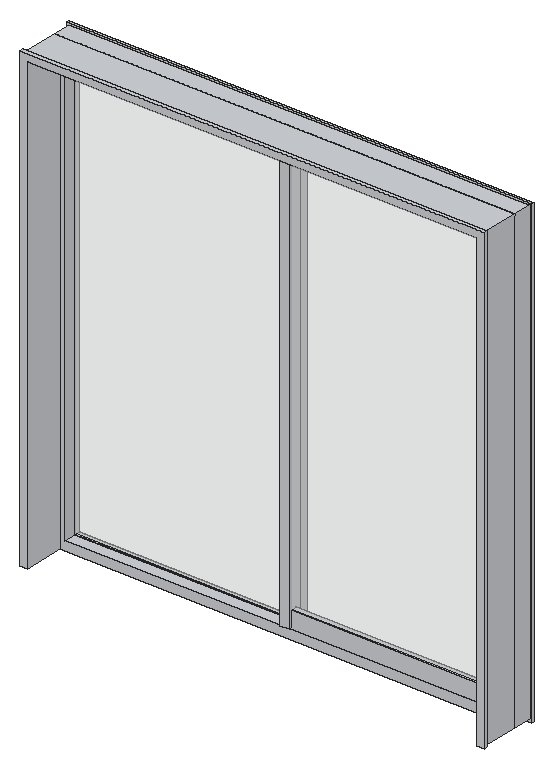
Revit family "APL Residential Thermal Heart Sliding Door SF", category Doors, host Wall, Revit 2017 (continued)
Definition of nested family "APL Residential Thermal Heart Sliding Door SF Horizontal Section"
  Definition of nested family "Interlocker"
    Definition of nested family "65420_Interlocker Mullion"
      Lines and regions (mm)
        model lines, in view "Ref. Level"
          curve 53: line (-44.5, 44.6, 0) -> (-44.5, 43.5, 0)
          curve 54: line (-45.5, 42.5, 0) -> (-46.25, 42.5, 0)
          curve 55: line (-46.25, 43.5, 0) -> (-45.5, 43.5, 0)
          curve 56: line (-45.5, 43.5, 0) -> (-45.5, 45, 0)
          curve 57: line (-45.5, 45, 0) -> (-51, 45, 0)
          curve 58: line (-51, 45, 0) -> (-51, 43.5, 0)
          curve 59: line (-51, 43.5, 0) -> (-50.25, 43.5, 0)
          curve 60: line (-50.25, 42.5, 0) -> (-51.8, 42.5, 0)
          curve 61: line (-52, 42.7, 0) -> (-52, 61.948, 0)
          curve 62: line (-51.5, 62.45, 0) -> (-49.183, 62.45, 0)
          curve 63: line (-48.413, 62.718, 0) -> (-47.003, 63.232, 0)
          curve 64: line (-46.601, 62.924, 0) -> (-46.808, 60.558, 0)
          curve 65: line (-46.895, 60.372, 0) -> (-47.259, 60.009, 0)
          curve 66: line (-47.593, 60.098, 0) -> (-47.638, 60.266, 0)
          curve 67: line (-47.638, 60.266, 0) -> (-49.768, 60.94, 0)
          curve 68: line (-49.768, 60.94, 0) -> (-50, 60.95, 0)
          curve 69: line (-50.1, 60.203, 0) -> (-50.1, 56.975, 0)
          curve 70: line (-50.1, 56.975, 0) -> (-50.294, 56.2, 0)
          curve 71: line (-50.1, 55.95, 0) -> (-49.579, 55.95, 0)
          curve 72: line (-49.579, 55.95, 0) -> (-48.169, 56.759, 0)
          curve 73: line (-47.6, 56.9, 0) -> (-47.6, 54.875, 0)
          curve 74: line (-47.696, 54.705, 0) -> (-50.261, 53.139, 0)
          curve 75: line (-50.5, 52.712, 0) -> (-50.5, 47, 0)
          curve 76: line (-50, 46.5, 0) -> (-45.5, 46.5, 0)
          curve 77: line (-44.405, 46.1, 0) -> (-33.2, 46.1, 0)
          curve 78: line (-31.5, 44.4, 0) -> (-31.5, 37.486, 0)
          curve 79: arc (-31.5, 37.486, 0) -> (-31.229, 37.041, 0) -> (-30.71, 37.078, 0) r 0.5
          curve 80: arc (-30.71, 37.078, 0) -> (-28.151, 37.789, 0) -> (-25.73, 36.695, 0) r 3.9
          curve 81: arc (-25.73, 36.695, 0) -> (-25.713, 35.422, 0) -> (-26.985, 35.405, 0) r 0.9
          curve 82: arc (-26.985, 35.405, 0) -> (-28.45, 36, 0) -> (-29.915, 35.405, 0) r 2.1
          curve 83: arc (-29.915, 35.405, 0) -> (-30.077, 35.28, 0) -> (-30.264, 35.194, 0) r 0.9
          curve 84: arc (-30.264, 35.194, 0) -> (-30.436, 35.097, 0) -> (-30.557, 34.94, 0) r 0.5
          curve 85: arc (-30.557, 34.94, 0) -> (-30.8, 33.9, 0) -> (-30.557, 32.86, 0) r 2.35
          curve 86: arc (-30.557, 32.86, 0) -> (-30.436, 32.703, 0) -> (-30.264, 32.606, 0) r 0.5
          curve 87: arc (-30.264, 32.606, 0) -> (-30.077, 32.52, 0) -> (-29.915, 32.395, 0) r 0.9
          curve 88: arc (-29.915, 32.395, 0) -> (-28.45, 31.8, 0) -> (-26.985, 32.395, 0) r 2.1
          curve 89: arc (-26.985, 32.395, 0) -> (-25.713, 32.378, 0) -> (-25.73, 31.105, 0) r 0.9
          curve 90: arc (-25.73, 31.105, 0) -> (-26.113, 30.778, 0) -> (-26.534, 30.503, 0) r 3.9
          curve 91: arc (-26.534, 30.503, 0) -> (-26.781, 29.979, 0) -> (-26.368, 29.574, 0) r 0.5
          curve 92: arc (-26.368, 29.574, 0) -> (-25.102, 28.862, 0) -> (-24.6, 27.5, 0) r 2.1
          curve 93: arc (-35.3, 56.85, 0) -> (-35.417, 56.567, 0) -> (-35.7, 56.45, 0) r 0.4
          curve 94: arc (-35.993, 56.45, 0) -> (-36.096, 56.464, 0) -> (-36.193, 56.504, 0) r 0.4
          curve 95: arc (-37.721, 57.389, 0) -> (-38.011, 57.509, 0) -> (-38.322, 57.55, 0) r 1.2
          curve 96: arc (-39.245, 57.55, 0) -> (-39.818, 57.731, 0) -> (-40.184, 58.208, 0) r 1
          curve 97: arc (-40.977, 60.387, 0) -> (-41.124, 60.578, 0) -> (-41.353, 60.65, 0) r 0.4
          curve 98: arc (-44.047, 60.65, 0) -> (-44.276, 60.578, 0) -> (-44.423, 60.387, 0) r 0.4
          curve 99: arc (-45.216, 58.208, 0) -> (-45.582, 57.731, 0) -> (-46.155, 57.55, 0) r 1
          curve 100: arc (-47.078, 57.55, 0) -> (-47.389, 57.509, 0) -> (-47.679, 57.389, 0) r 1.2
          curve 101: arc (-49.207, 56.504, 0) -> (-49.304, 56.464, 0) -> (-49.407, 56.45, 0) r 0.4
          curve 102: arc (-49.7, 56.45, 0) -> (-49.983, 56.567, 0) -> (-50.1, 56.85, 0) r 0.4
          curve 103: arc (-50.1, 60.25, 0) -> (-49.983, 60.533, 0) -> (-49.7, 60.65, 0) r 0.4
          curve 104: arc (-49.407, 60.65, 0) -> (-49.304, 60.636, 0) -> (-49.207, 60.596, 0) r 0.4
          curve 105: arc (-47.679, 59.711, 0) -> (-47.385, 59.59, 0) -> (-47.07, 59.55, 0) r 1.2
          curve 106: arc (-47.07, 59.55, 0) -> (-46.895, 59.603, 0) -> (-46.784, 59.747, 0) r 0.3
          curve 107: arc (-45.896, 62.187, 0) -> (-45.749, 62.378, 0) -> (-45.52, 62.45, 0) r 0.4
          curve 108: arc (-39.88, 62.45, 0) -> (-39.651, 62.378, 0) -> (-39.504, 62.187, 0) r 0.4
          curve 109: arc (-38.616, 59.747, 0) -> (-38.505, 59.603, 0) -> (-38.33, 59.55, 0) r 0.3
          curve 110: arc (-38.33, 59.55, 0) -> (-38.015, 59.59, 0) -> (-37.721, 59.711, 0) r 1.2
          curve 111: arc (-36.193, 60.596, 0) -> (-36.096, 60.636, 0) -> (-35.993, 60.65, 0) r 0.4
          curve 112: arc (-35.7, 60.65, 0) -> (-35.417, 60.533, 0) -> (-35.3, 60.25, 0) r 0.4
          curve 113: line (-35.7, 56.45, 0) -> (-35.993, 56.45, 0)
          curve 114: line (-36.193, 56.504, 0) -> (-37.721, 57.389, 0)
          curve 115: line (-38.322, 57.55, 0) -> (-39.245, 57.55, 0)
          curve 116: line (-40.184, 58.208, 0) -> (-40.977, 60.387, 0)
          curve 117: line (-41.353, 60.65, 0) -> (-44.047, 60.65, 0)
          curve 118: line (-44.423, 60.387, 0) -> (-45.216, 58.208, 0)
          curve 119: line (-46.155, 57.55, 0) -> (-47.078, 57.55, 0)
          curve 120: line (-47.679, 57.389, 0) -> (-49.207, 56.504, 0)
          curve 121: line (-49.407, 56.45, 0) -> (-49.7, 56.45, 0)
          curve 122: line (-50.1, 56.85, 0) -> (-50.1, 60.25, 0)
          curve 123: line (-49.7, 60.65, 0) -> (-49.407, 60.65, 0)
          curve 124: line (-49.207, 60.596, 0) -> (-47.679, 59.711, 0)
          curve 125: line (-46.784, 59.747, 0) -> (-45.896, 62.187, 0)
          curve 126: line (-45.52, 62.45, 0) -> (-39.88, 62.45, 0)
          curve 127: line (-39.504, 62.187, 0) -> (-38.616, 59.747, 0)
          curve 128: line (-37.721, 59.711, 0) -> (-36.193, 60.596, 0)
          curve 129: line (-35.993, 60.65, 0) -> (-35.7, 60.65, 0)
          curve 130: line (-35.3, 60.25, 0) -> (-35.3, 56.85, 0)
          curve 131: arc (-27.4, 27.5, 0) -> (-27.117, 27.383, 0) -> (-27, 27.1, 0) r 0.4
          curve 132: arc (-27, 26.807, 0) -> (-27.014, 26.704, 0) -> (-27.054, 26.607, 0) r 0.4
          curve 133: arc (-27.939, 25.079, 0) -> (-28.059, 24.789, 0) -> (-28.1, 24.478, 0) r 1.2
          curve 134: arc (-28.1, 23.555, 0) -> (-28.281, 22.982, 0) -> (-28.758, 22.616, 0) r 1
          curve 135: arc (-30.937, 21.823, 0) -> (-31.128, 21.676, 0) -> (-31.2, 21.447, 0) r 0.4
          curve 136: arc (-31.2, 18.753, 0) -> (-31.128, 18.524, 0) -> (-30.937, 18.377, 0) r 0.4
          curve 137: arc (-28.758, 17.584, 0) -> (-28.281, 17.218, 0) -> (-28.1, 16.645, 0) r 1
          curve 138: arc (-28.1, 15.722, 0) -> (-28.059, 15.411, 0) -> (-27.939, 15.121, 0) r 1.2
          curve 139: arc (-27.054, 13.593, 0) -> (-27.014, 13.496, 0) -> (-27, 13.393, 0) r 0.4
          curve 140: arc (-27, 13.1, 0) -> (-27.117, 12.817, 0) -> (-27.4, 12.7, 0) r 0.4
          curve 141: arc (-30.8, 12.7, 0) -> (-31.083, 12.817, 0) -> (-31.2, 13.1, 0) r 0.4
          curve 142: arc (-31.2, 13.393, 0) -> (-31.186, 13.496, 0) -> (-31.146, 13.593, 0) r 0.4
          curve 143: arc (-30.261, 15.121, 0) -> (-30.14, 15.415, 0) -> (-30.1, 15.73, 0) r 1.2
          curve 144: arc (-30.1, 15.73, 0) -> (-30.153, 15.905, 0) -> (-30.297, 16.016, 0) r 0.3
          curve 145: arc (-32.737, 16.904, 0) -> (-32.928, 17.051, 0) -> (-33, 17.28, 0) r 0.4
          curve 146: arc (-33, 22.92, 0) -> (-32.928, 23.149, 0) -> (-32.737, 23.296, 0) r 0.4
          curve 147: arc (-30.297, 24.184, 0) -> (-30.153, 24.295, 0) -> (-30.1, 24.47, 0) r 0.3
          curve 148: arc (-30.1, 24.47, 0) -> (-30.14, 24.785, 0) -> (-30.261, 25.079, 0) r 1.2
          curve 149: arc (-31.146, 26.607, 0) -> (-31.186, 26.704, 0) -> (-31.2, 26.807, 0) r 0.4
          curve 150: arc (-31.2, 27.1, 0) -> (-31.083, 27.383, 0) -> (-30.8, 27.5, 0) r 0.4
          curve 151: line (-27, 27.1, 0) -> (-27, 26.807, 0)
          curve 152: line (-27.054, 26.607, 0) -> (-27.939, 25.079, 0)
          curve 153: line (-28.1, 24.478, 0) -> (-28.1, 23.555, 0)
          curve 154: line (-28.758, 22.616, 0) -> (-30.937, 21.823, 0)
          curve 155: line (-31.2, 21.447, 0) -> (-31.2, 18.753, 0)
          curve 156: line (-30.937, 18.377, 0) -> (-28.758, 17.584, 0)
          curve 157: line (-28.1, 16.645, 0) -> (-28.1, 15.722, 0)
          curve 158: line (-27.939, 15.121, 0) -> (-27.054, 13.593, 0)
          curve 159: line (-27, 13.393, 0) -> (-27, 13.1, 0)
          curve 160: line (-27.4, 12.7, 0) -> (-30.8, 12.7, 0)
          curve 161: line (-31.2, 13.1, 0) -> (-31.2, 13.393, 0)
          curve 162: line (-31.146, 13.593, 0) -> (-30.261, 15.121, 0)
          curve 163: line (-30.297, 16.016, 0) -> (-32.737, 16.904, 0)
          curve 164: line (-33, 17.28, 0) -> (-33, 22.92, 0)
          curve 165: line (-32.737, 23.296, 0) -> (-30.297, 24.184, 0)
          curve 166: line (-30.261, 25.079, 0) -> (-31.146, 26.607, 0)
          curve 167: line (-31.2, 26.807, 0) -> (-31.2, 27.1, 0)
          curve 168: line (-30.8, 27.5, 0) -> (-27.4, 27.5, 0)
          curve 169: arc (-21.001, 10.8, 0) -> (-21.707, 10.507, 0) -> (-22, 9.8, 0) r 1
          curve 170: arc (-22, 3.501, 0) -> (-21.707, 2.793, 0) -> (-21, 2.5, 0) r 1
          curve 171: arc (-2.8, 2.5, 0) -> (-2.093, 2.793, 0) -> (-1.8, 3.5, 0) r 1
          curve 172: arc (-1.8, 9.8, 0) -> (-2.093, 10.507, 0) -> (-2.8, 10.8, 0) r 1
          curve 173: arc (-2.656, 30.548, 0) -> (-2.153, 30.553, 0) -> (-1.9, 30.119, 0) r 0.5
          curve 174: arc (-1.9, 13.7, 0) -> (-2.193, 12.993, 0) -> (-2.9, 12.7, 0) r 1
          curve 175: arc (-24.1, 12.7, 0) -> (-24.454, 12.846, 0) -> (-24.6, 13.2, 0) r 0.5
          curve 176: arc (-24.6, 14.698, 0) -> (-24.746, 15.053, 0) -> (-25.1, 15.2, 0) r 0.5
          curve 177: arc (-27.449, 15.2, 0) -> (-27.668, 15.073, 0) -> (-27.663, 14.82, 0) r 0.25
          curve 178: arc (-27.611, 14.734, 0) -> (-27.479, 14.628, 0) -> (-27.309, 14.631, 0) r 0.25
          curve 179: arc (-26.544, 13.377, 0) -> (-26.511, 13.302, 0) -> (-26.5, 13.221, 0) r 0.3
          curve 180: arc (-26.5, 12.7, 0) -> (-26.578, 12.542, 0) -> (-26.75, 12.506, 0) r 0.2
          curve 181: arc (-30.753, 12.7, 0) -> (-30.875, 12.674, 0) -> (-30.976, 12.6, 0) r 0.3
          curve 182: arc (-30.976, 12.6, 0) -> (-31.307, 12.52, 0) -> (-31.5, 12.8, 0) r 0.3
          curve 183: arc (-30.957, 15.021, 0) -> (-30.905, 15.11, 0) -> (-30.816, 15.162, 0) r 0.2
          curve 184: arc (-30.648, 15.207, 0) -> (-30.507, 15.348, 0) -> (-30.559, 15.541, 0) r 0.2
          curve 185: arc (-30.922, 15.905, 0) -> (-31.008, 15.965, 0) -> (-31.108, 15.992, 0) r 0.3
          curve 186: arc (-33.474, 16.199, 0) -> (-33.738, 16.083, 0) -> (-33.782, 15.797, 0) r 0.3
          curve 187: arc (-33.268, 14.387, 0) -> (-33.181, 14.261, 0) -> (-33.043, 14.195, 0) r 0.3
          curve 188: arc (-33.043, 14.195, 0) -> (-32.801, 13.922, 0) -> (-33, 13.617, 0) r 0.3
          curve 189: arc (-33, 9.5, 0) -> (-32.941, 9.359, 0) -> (-32.8, 9.3, 0) r 0.2
          curve 190: arc (-32.5, 9.3, 0) -> (-32.2, 9.38, 0) -> (-31.98, 9.6, 0) r 0.6
          curve 191: arc (-31.345, 10.7, 0) -> (-31.272, 10.773, 0) -> (-31.172, 10.8, 0) r 0.2
          curve 192: arc (-25, 10.8, 0) -> (-24.293, 10.507, 0) -> (-24, 9.8, 0) r 1
          curve 193: arc (-24, 2.463, 0) -> (-24.286, 1.763, 0) -> (-24.98, 1.463, 0) r 1
          curve 194: arc (-31.935, 1.322, 0) -> (-32.052, 1.357, 0) -> (-32.127, 1.453, 0) r 0.2
          curve 195: arc (-32.127, 1.453, 0) -> (-32.234, 1.621, 0) -> (-32.403, 1.725, 0) r 0.45
          curve 196: arc (-32.403, 1.725, 0) -> (-32.522, 1.729, 0) -> (-32.621, 1.665, 0) r 0.2
          curve 197: arc (-33, 0.2, 0) -> (-32.941, 0.059, 0) -> (-32.8, 0, 0) r 0.2
          curve 198: arc (-0.5, 0, 0) -> (-0.146, 0.146, 0) -> (0, 0.5, 0) r 0.5
          curve 199: arc (0, 70.3, 0) -> (-0.059, 70.441, 0) -> (-0.2, 70.5, 0) r 0.2
          curve 200: arc (-0.8, 70.5, 0) -> (-0.941, 70.441, 0) -> (-1, 70.3, 0) r 0.2
          curve 201: arc (-1, 69.7, 0) -> (-1.059, 69.559, 0) -> (-1.2, 69.5, 0) r 0.2
          curve 202: arc (-8.75, 69.5, 0) -> (-9.25, 69, 0) -> (-8.75, 68.5, 0) r 0.5
          curve 203: arc (-7.85, 68.5, 0) -> (-7.709, 68.441, 0) -> (-7.65, 68.3, 0) r 0.2
          curve 204: arc (-7.65, 67.2, 0) -> (-7.709, 67.059, 0) -> (-7.85, 67, 0) r 0.2
          curve 205: arc (-15.15, 67, 0) -> (-15.291, 67.059, 0) -> (-15.35, 67.2, 0) r 0.2
          curve 206: arc (-15.35, 68.3, 0) -> (-15.291, 68.441, 0) -> (-15.15, 68.5, 0) r 0.2
          curve 207: arc (-14.25, 68.5, 0) -> (-13.75, 69, 0) -> (-14.25, 69.5, 0) r 0.5
          curve 208: arc (-14.85, 69.5, 0) -> (-15.204, 69.646, 0) -> (-15.35, 70, 0) r 0.5
          curve 209: arc (-15.35, 70, 0) -> (-15.496, 70.354, 0) -> (-15.85, 70.5, 0) r 0.5
          curve 210: arc (-30.65, 70.5, 0) -> (-31.399, 69.779, 0) -> (-30.709, 69.002, 0) r 0.75
          curve 211: arc (-20.534, 68.077, 0) -> (-20.403, 68.013, 0) -> (-20.35, 67.877, 0) r 0.2
          curve 212: arc (-20.35, 67.25, 0) -> (-19.85, 66.75, 0) -> (-19.35, 67.25, 0) r 0.5
          curve 213: arc (-19.35, 67.8, 0) -> (-19.291, 67.941, 0) -> (-19.15, 68, 0) r 0.2
          curve 214: arc (-18.05, 68, 0) -> (-17.909, 67.941, 0) -> (-17.85, 67.8, 0) r 0.2
          curve 215: arc (-17.85, 62.7, 0) -> (-17.909, 62.559, 0) -> (-18.05, 62.5, 0) r 0.2
          curve 216: arc (-19.15, 62.5, 0) -> (-19.291, 62.559, 0) -> (-19.35, 62.7, 0) r 0.2
          curve 217: arc (-19.35, 63.25, 0) -> (-19.85, 63.75, 0) -> (-20.35, 63.25, 0) r 0.5
          curve 218: arc (-20.35, 62.65, 0) -> (-20.409, 62.509, 0) -> (-20.55, 62.45, 0) r 0.2
          curve 219: arc (-36.217, 62.45, 0) -> (-36.522, 62.251, 0) -> (-36.795, 62.493, 0) r 0.3
          curve 220: arc (-36.795, 62.493, 0) -> (-36.861, 62.631, 0) -> (-36.987, 62.718, 0) r 0.3
          curve 221: arc (-38.397, 63.232, 0) -> (-38.683, 63.188, 0) -> (-38.799, 62.924, 0) r 0.3
          curve 222: arc (-38.592, 60.558, 0) -> (-38.565, 60.458, 0) -> (-38.505, 60.372, 0) r 0.3
          curve 223: arc (-38.141, 60.009, 0) -> (-37.948, 59.957, 0) -> (-37.807, 60.098, 0) r 0.2
          curve 224: arc (-37.762, 60.266, 0) -> (-37.71, 60.355, 0) -> (-37.621, 60.407, 0) r 0.2
          curve 225: arc (-35.4, 60.95, 0) -> (-35.12, 60.757, 0) -> (-35.2, 60.426, 0) r 0.3
          curve 226: arc (-35.2, 60.426, 0) -> (-35.274, 60.325, 0) -> (-35.3, 60.203, 0) r 0.3
          curve 227: arc (-35.106, 56.2, 0) -> (-35.142, 56.028, 0) -> (-35.3, 55.95, 0) r 0.2
          curve 228: arc (-35.821, 55.95, 0) -> (-35.902, 55.961, 0) -> (-35.977, 55.994, 0) r 0.3
          curve 229: arc (-37.231, 56.759, 0) -> (-37.228, 56.929, 0) -> (-37.334, 57.061, 0) r 0.25
          curve 230: arc (-37.42, 57.113, 0) -> (-37.672, 57.118, 0) -> (-37.8, 56.9, 0) r 0.25
          curve 231: arc (-37.8, 54.875, 0) -> (-37.774, 54.778, 0) -> (-37.704, 54.705, 0) r 0.2
          curve 232: arc (-36.751, 54.123, 0) -> (-36.626, 54.069, 0) -> (-36.491, 54.05, 0) r 0.5
          curve 233: arc (-33.9, 54.05, 0) -> (-33.546, 54.196, 0) -> (-33.4, 54.55, 0) r 0.5
          curve 234: arc (-33.4, 59.15, 0) -> (-33.254, 59.504, 0) -> (-32.9, 59.65, 0) r 0.5
          curve 235: arc (-17.952, 59.65, 0) -> (-16.112, 60.411, 0) -> (-15.35, 62.25, 0) r 2.6
          curve 236: arc (-15.35, 64, 0) -> (-15.291, 64.141, 0) -> (-15.15, 64.2, 0) r 0.2
          curve 237: arc (-7.85, 64.2, 0) -> (-6.162, 64.792, 0) -> (-5.215, 66.309, 0) r 2.7
          curve 238: arc (-5.215, 66.309, 0) -> (-5.04, 66.59, 0) -> (-4.727, 66.7, 0) r 0.5
          curve 239: arc (-2.4, 66.7, 0) -> (-2.046, 66.554, 0) -> (-1.9, 66.2, 0) r 0.5
          curve 240: line (-22, 9.8, 0) -> (-22, 3.501, 0)
          curve 241: line (-21, 2.5, 0) -> (-2.8, 2.5, 0)
          curve 242: line (-1.8, 3.5, 0) -> (-1.8, 9.8, 0)
          curve 243: line (-2.8, 10.8, 0) -> (-21.001, 10.8, 0)
          curve 244: line (-1.9, 30.119, 0) -> (-1.9, 13.7, 0)
          curve 245: line (-2.9, 12.7, 0) -> (-24.1, 12.7, 0)
          curve 246: line (-24.6, 13.2, 0) -> (-24.6, 14.698, 0)
          curve 247: line (-25.1, 15.2, 0) -> (-27.449, 15.2, 0)
          curve 248: line (-27.309, 14.631, 0) -> (-26.544, 13.377, 0)
          curve 249: line (-26.544, 13.377, 0) -> (-26.5, 12.7, 0)
          curve 250: line (-26.75, 12.506, 0) -> (-27.475, 12.694, 0)
          curve 251: line (-27.475, 12.694, 0) -> (-30.753, 12.7, 0)
          curve 252: line (-31.5, 12.954, 0) -> (-30.957, 15.021, 0)
          curve 253: line (-30.957, 15.021, 0) -> (-30.648, 15.207, 0)
          curve 254: line (-30.559, 15.541, 0) -> (-30.922, 15.905, 0)
          curve 255: line (-31.108, 15.992, 0) -> (-33.474, 16.199, 0)
          curve 256: line (-33.782, 15.797, 0) -> (-33.268, 14.387, 0)
          curve 257: line (-33, 13.617, 0) -> (-33, 9.5, 0)
          curve 258: line (-32.8, 9.3, 0) -> (-32.5, 9.3, 0)
          curve 259: line (-31.98, 9.6, 0) -> (-31.345, 10.7, 0)
          curve 260: line (-31.172, 10.8, 0) -> (-25, 10.8, 0)
          curve 261: line (-24, 9.8, 0) -> (-24, 2.463, 0)
          curve 262: line (-24.98, 1.463, 0) -> (-31.935, 1.322, 0)
          curve 263: line (-32.621, 1.665, 0) -> (-32.953, 1.269, 0)
          curve 264: line (-32.953, 1.269, 0) -> (-33, 0.2, 0)
          curve 265: line (-32.8, 0, 0) -> (-0.5, 0, 0)
          curve 266: line (0, 0.5, 0) -> (0, 70.3, 0)
          curve 267: line (-0.2, 70.5, 0) -> (-0.8, 70.5, 0)
          curve 268: line (-1, 70.3, 0) -> (-1, 69.7, 0)
          curve 269: line (-1.2, 69.5, 0) -> (-8.75, 69.5, 0)
          curve 270: line (-8.75, 68.5, 0) -> (-7.85, 68.5, 0)
          curve 271: line (-7.65, 68.3, 0) -> (-7.65, 67.2, 0)
          curve 272: line (-7.85, 67, 0) -> (-15.15, 67, 0)
          curve 273: line (-15.35, 67.2, 0) -> (-15.35, 68.3, 0)
          curve 274: line (-15.15, 68.5, 0) -> (-14.25, 68.5, 0)
          curve 275: line (-14.25, 69.5, 0) -> (-14.85, 69.5, 0)
          curve 276: line (-15.85, 70.5, 0) -> (-30.65, 70.5, 0)
          curve 277: line (-30.709, 69.002, 0) -> (-20.534, 68.077, 0)
          curve 278: line (-20.35, 67.877, 0) -> (-20.35, 67.25, 0)
          curve 279: line (-19.35, 67.25, 0) -> (-19.35, 67.8, 0)
          curve 280: line (-19.15, 68, 0) -> (-18.05, 68, 0)
          curve 281: line (-17.85, 67.8, 0) -> (-17.85, 62.7, 0)
          curve 282: line (-18.05, 62.5, 0) -> (-19.15, 62.5, 0)
          curve 283: line (-19.35, 62.7, 0) -> (-19.35, 63.25, 0)
          curve 284: line (-20.35, 63.25, 0) -> (-20.35, 62.65, 0)
          curve 285: line (-20.55, 62.45, 0) -> (-36.217, 62.45, 0)
          curve 286: line (-36.987, 62.718, 0) -> (-38.397, 63.232, 0)
          curve 287: line (-38.799, 62.924, 0) -> (-38.592, 60.558, 0)
          curve 288: line (-38.505, 60.372, 0) -> (-38.141, 60.009, 0)
          curve 289: line (-37.807, 60.098, 0) -> (-37.762, 60.266, 0)
          curve 290: line (-37.762, 60.266, 0) -> (-35.632, 60.94, 0)
          curve 291: line (-35.632, 60.94, 0) -> (-35.4, 60.95, 0)
          curve 292: line (-35.3, 60.203, 0) -> (-35.3, 56.975, 0)
          curve 293: line (-35.3, 56.975, 0) -> (-35.106, 56.2, 0)
          curve 294: line (-35.3, 55.95, 0) -> (-35.821, 55.95, 0)
          curve 295: line (-35.821, 55.95, 0) -> (-37.231, 56.759, 0)
          curve 296: line (-37.8, 56.9, 0) -> (-37.8, 54.875, 0)
          curve 297: line (-37.704, 54.705, 0) -> (-36.751, 54.123, 0)
          curve 298: line (-36.491, 54.05, 0) -> (-33.9, 54.05, 0)
          curve 299: line (-33.4, 54.55, 0) -> (-33.4, 59.15, 0)
          curve 300: line (-32.9, 59.65, 0) -> (-17.952, 59.65, 0)
          curve 301: line (-15.35, 62.25, 0) -> (-15.35, 64, 0)
          curve 302: line (-15.15, 64.2, 0) -> (-7.85, 64.2, 0)
          curve 303: line (-4.727, 66.7, 0) -> (-2.4, 66.7, 0)
          curve 304: line (-1.9, 66.2, 0) -> (-1.9, 37.681, 0)
          curve 305: arc (-1.9, 37.681, 0) -> (-2.153, 37.247, 0) -> (-2.656, 37.252, 0) r 0.5
          curve 306: arc (-2.656, 37.252, 0) -> (-5.107, 37.773, 0) -> (-7.37, 36.695, 0) r 3.9
          curve 307: arc (-7.37, 36.695, 0) -> (-7.387, 35.422, 0) -> (-6.115, 35.405, 0) r 0.9
          curve 308: arc (-6.115, 35.405, 0) -> (-4.65, 36, 0) -> (-3.185, 35.405, 0) r 2.1
          curve 309: arc (-3.185, 35.405, 0) -> (-3.023, 35.28, 0) -> (-2.836, 35.194, 0) r 0.9
          curve 310: arc (-2.836, 35.194, 0) -> (-2.664, 35.097, 0) -> (-2.543, 34.94, 0) r 0.5
          curve 311: arc (-2.543, 34.94, 0) -> (-2.3, 33.9, 0) -> (-2.543, 32.86, 0) r 2.35
          curve 312: arc (-2.543, 32.86, 0) -> (-2.664, 32.703, 0) -> (-2.836, 32.606, 0) r 0.5
          curve 313: arc (-2.836, 32.606, 0) -> (-3.023, 32.52, 0) -> (-3.185, 32.395, 0) r 0.9
          curve 314: arc (-3.185, 32.395, 0) -> (-4.65, 31.8, 0) -> (-6.115, 32.395, 0) r 2.1
          curve 315: arc (-6.115, 32.395, 0) -> (-7.387, 32.378, 0) -> (-7.37, 31.105, 0) r 0.9
          curve 316: arc (-7.37, 31.105, 0) -> (-5.107, 30.027, 0) -> (-2.656, 30.548, 0) r 3.9
      Text (mm)
        text "65420" at (-82.532, 21.092, 0), in view "Ref. Level"
  Definition of nested family "Jamb Fixed"
    Reference planes
      plane 1 "Center (Front/Back)": y = 0
      plane 2: z = 0
      plane 3 "Center (Left/Right)": x = 0
    Lines and regions (mm)
      detail lines, in view "Ref. Level"
        curve 1: arc (34.145, 40.782, 0) -> (34.004, 40.472, 0) -> (34.304, 40.309, 0) r 0.25
        curve 2: arc (44.192, 40.336, 0) -> (44.491, 40.498, 0) -> (44.351, 40.808, 0) r 0.25
        curve 3: line (34.304, 40.309, 0) -> (38.171, 41.303, 0)
        curve 4: line (38.171, 41.303, 0) -> (38.75, 40.3, 0)
        curve 5: line (38.75, 40.3, 0) -> (39.75, 40.3, 0)
        curve 6: line (39.75, 40.3, 0) -> (40.342, 41.325, 0)
        curve 7: line (40.342, 41.325, 0) -> (44.192, 40.336, 0)
        curve 8: line (44.351, 40.808, 0) -> (40.25, 42.532, 0)
        curve 9: line (40.25, 42.532, 0) -> (40.25, 43.8, 0)
        curve 10: line (40.25, 43.8, 0) -> (41.5, 43.8, 0)
        curve 11: line (41.5, 43.8, 0) -> (41.5, 44.8, 0)
        curve 12: line (41.5, 44.8, 0) -> (37, 44.8, 0)
        curve 13: line (37, 44.8, 0) -> (37, 43.8, 0)
        curve 14: line (37, 43.8, 0) -> (38.25, 43.8, 0)
        curve 15: line (38.25, 43.8, 0) -> (38.25, 42.508, 0)
        curve 16: line (38.25, 42.508, 0) -> (34.145, 40.782, 0)
      detail lines, in view "Ref. Level", not visible
        curve 17: arc (33.161, -9.933, 0) -> (32.851, -9.793, 0) -> (32.689, -10.092, 0) r 0.25
        curve 18: arc (32.715, -19.98, 0) -> (32.877, -20.279, 0) -> (33.188, -20.139, 0) r 0.25
        curve 19: line (32.689, -10.092, 0) -> (33.683, -13.959, 0)
        curve 20: line (33.683, -13.959, 0) -> (32.679, -14.539, 0)
        curve 21: line (32.679, -14.539, 0) -> (32.679, -15.539, 0)
        curve 22: line (32.679, -15.539, 0) -> (33.705, -16.131, 0)
        curve 23: line (33.705, -16.131, 0) -> (32.715, -19.98, 0)
        curve 24: line (33.188, -20.139, 0) -> (34.912, -16.039, 0)
        curve 25: line (34.912, -16.039, 0) -> (36.179, -16.039, 0)
        curve 26: line (36.179, -16.039, 0) -> (36.179, -17.289, 0)
        curve 27: line (36.179, -17.289, 0) -> (37.179, -17.289, 0)
        curve 28: line (37.179, -17.289, 0) -> (37.179, -12.789, 0)
        curve 29: line (37.179, -12.789, 0) -> (36.179, -12.789, 0)
        curve 30: line (36.179, -12.789, 0) -> (36.179, -14.039, 0)
        curve 31: line (36.179, -14.039, 0) -> (34.887, -14.039, 0)
        curve 32: line (34.887, -14.039, 0) -> (33.161, -9.933, 0)
    Nested families
      nested 1: "65400_Jamb Fixed" at (43, 0, 0) x (0, 1, 0) z (0, 0, 1), type "65400_Jamb Fixed", in view "Ref. Level"
      nested 2: "65585_Infill" at (43, 110.375, 0) x (0, -1, 0) z (0, 0, 1), type "65585_Infill", in view "Ref. Level"
    Definition of nested family "65400_Jamb Fixed"
      Reference planes
        plane 1 "Center (Front/Back)": y = 0
        plane 2: z = 0
        plane 3 "Center (Left/Right)": x = 0
      Lines and regions (mm)
        detail lines, in view "Ref. Level"
          curve 1: arc (46.1, 18.8, 0) -> (45.602, 20.002, 0) -> (44.4, 20.5, 0) r 1.7
          curve 2: arc (29.9, 20.5, 0) -> (29.546, 20.646, 0) -> (29.4, 21, 0) r 0.5
          curve 3: arc (29.4, 34.099, 0) -> (29.546, 34.453, 0) -> (29.9, 34.6, 0) r 0.5
          curve 4: arc (36.605, 34.6, 0) -> (37.013, 34.521, 0) -> (37.363, 34.296, 0) r 1.1
          curve 5: arc (37.363, 34.296, 0) -> (38.199, 33.684, 0) -> (39.189, 33.379, 0) r 3.126
          curve 6: arc (62.286, 32.2, 0) -> (62.738, 31.881, 0) -> (63.285, 31.958, 0) r 0.75
          curve 7: arc (63.285, 31.958, 0) -> (64.2, 32.2, 0) -> (65.115, 31.958, 0) r 1.85
          curve 8: arc (65.115, 31.958, 0) -> (65.281, 31.888, 0) -> (65.459, 31.86, 0) r 0.75
          curve 9: arc (65.459, 31.86, 0) -> (65.663, 31.808, 0) -> (65.828, 31.676, 0) r 0.5
          curve 10: arc (65.828, 31.676, 0) -> (66.3, 30.35, 0) -> (65.828, 29.024, 0) r 2.1
          curve 11: arc (65.828, 29.024, 0) -> (65.663, 28.892, 0) -> (65.459, 28.84, 0) r 0.5
          curve 12: arc (65.459, 28.84, 0) -> (65.281, 28.812, 0) -> (65.115, 28.742, 0) r 0.75
          curve 13: arc (65.115, 28.742, 0) -> (63.721, 28.563, 0) -> (62.604, 29.415, 0) r 1.85
          curve 14: arc (62.604, 29.415, 0) -> (61.577, 29.683, 0) -> (61.309, 28.657, 0) r 0.75
          curve 15: arc (61.309, 28.657, 0) -> (62.349, 27.558, 0) -> (63.765, 27.028, 0) r 3.35
          curve 16: arc (63.765, 27.028, 0) -> (64.076, 26.862, 0) -> (64.2, 26.533, 0) r 0.5
          curve 17: arc (64.2, 17.483, 0) -> (64.489, 15.565, 0) -> (65.33, 13.818, 0) r 6.5
          curve 18: arc (65.33, 13.818, 0) -> (65.978, 12.474, 0) -> (66.2, 11, 0) r 5
          curve 19: arc (66.2, 1.9, 0) -> (66.054, 1.546, 0) -> (65.7, 1.4, 0) r 0.5
          curve 20: arc (47, 1.4, 0) -> (46.646, 1.546, 0) -> (46.5, 1.9, 0) r 0.5
          curve 21: arc (46.5, 6.5, 0) -> (46.396, 7.048, 0) -> (46.1, 7.52, 0) r 1.5
          curve 22: arc (24.183, 34.774, 0) -> (24.053, 34.838, 0) -> (24, 34.973, 0) r 0.2
          curve 23: arc (24.399, 37.321, 0) -> (24.668, 37.608, 0) -> (25.06, 37.613, 0) r 0.5
          curve 24: arc (25.06, 37.613, 0) -> (25.236, 37.7, 0) -> (25.42, 37.633, 0) r 0.25
          curve 25: arc (25.42, 37.633, 0) -> (25.563, 37.502, 0) -> (25.569, 37.309, 0) r 0.25
          curve 26: arc (26.823, 36.544, 0) -> (26.898, 36.511, 0) -> (26.979, 36.5, 0) r 0.3
          curve 27: arc (27.5, 36.5, 0) -> (27.658, 36.578, 0) -> (27.694, 36.75, 0) r 0.2
          curve 28: arc (27.5, 40.753, 0) -> (27.526, 40.875, 0) -> (27.6, 40.976, 0) r 0.3
          curve 29: arc (27.6, 40.976, 0) -> (27.664, 41.343, 0) -> (27.322, 41.49, 0) r 0.3
          curve 30: arc (25.179, 40.957, 0) -> (25.09, 40.905, 0) -> (25.038, 40.816, 0) r 0.2
          curve 31: arc (24.993, 40.648, 0) -> (24.852, 40.507, 0) -> (24.659, 40.559, 0) r 0.2
          curve 32: arc (24.295, 40.922, 0) -> (24.235, 41.008, 0) -> (24.208, 41.108, 0) r 0.3
          curve 33: arc (24.001, 43.474, 0) -> (24.117, 43.738, 0) -> (24.403, 43.782, 0) r 0.3
          curve 34: arc (25.813, 43.268, 0) -> (25.939, 43.181, 0) -> (26.005, 43.043, 0) r 0.3
          curve 35: arc (26.005, 43.043, 0) -> (26.278, 42.801, 0) -> (26.583, 43, 0) r 0.3
          curve 36: arc (28.9, 43, 0) -> (29.254, 42.854, 0) -> (29.4, 42.5, 0) r 0.5
          curve 37: arc (29.4, 36.9, 0) -> (29.546, 36.546, 0) -> (29.9, 36.4, 0) r 0.499
          curve 38: arc (37.767, 36.4, 0) -> (38.931, 36.165, 0) -> (39.913, 35.497, 0) r 2.996
          curve 39: arc (39.913, 35.497, 0) -> (40.232, 35.27, 0) -> (40.611, 35.169, 0) r 1.1
          curve 40: arc (68.1, 34.1, 0) -> (68.241, 34.159, 0) -> (68.3, 34.3, 0) r 0.2
          curve 41: arc (68.3, 42.5, 0) -> (68.446, 42.854, 0) -> (68.8, 43, 0) r 0.5
          curve 42: arc (71.117, 43, 0) -> (71.422, 42.801, 0) -> (71.695, 43.043, 0) r 0.3
          curve 43: arc (71.695, 43.043, 0) -> (71.761, 43.181, 0) -> (71.887, 43.268, 0) r 0.3
          curve 44: arc (73.297, 43.782, 0) -> (73.583, 43.738, 0) -> (73.699, 43.474, 0) r 0.3
          curve 45: arc (73.492, 41.108, 0) -> (73.465, 41.008, 0) -> (73.405, 40.922, 0) r 0.3
          curve 46: arc (73.041, 40.559, 0) -> (72.848, 40.507, 0) -> (72.707, 40.648, 0) r 0.2
          curve 47: arc (72.662, 40.816, 0) -> (72.61, 40.905, 0) -> (72.521, 40.957, 0) r 0.2
          curve 48: arc (70.378, 41.49, 0) -> (70.036, 41.343, 0) -> (70.1, 40.976, 0) r 0.3
          curve 49: arc (70.1, 40.976, 0) -> (70.174, 40.875, 0) -> (70.2, 40.753, 0) r 0.3
          curve 50: arc (70.006, 36.75, 0) -> (70.042, 36.578, 0) -> (70.2, 36.5, 0) r 0.2
          curve 51: arc (70.721, 36.5, 0) -> (70.802, 36.511, 0) -> (70.877, 36.544, 0) r 0.3
          curve 52: arc (72.131, 37.309, 0) -> (72.137, 37.502, 0) -> (72.28, 37.633, 0) r 0.25
          curve 53: arc (72.28, 37.633, 0) -> (72.55, 37.679, 0) -> (72.7, 37.45, 0) r 0.25
          curve 54: arc (72.7, 35.876, 0) -> (72.618, 35.478, 0) -> (72.385, 35.146, 0) r 1
          curve 55: arc (72.385, 35.146, 0) -> (72.322, 35, 0) -> (72.385, 34.854, 0) r 0.2
          curve 56: arc (72.385, 34.854, 0) -> (72.618, 34.523, 0) -> (72.7, 34.126, 0) r 1
          curve 57: arc (72.7, 32.551, 0) -> (72.573, 32.332, 0) -> (72.32, 32.337, 0) r 0.25
          curve 58: arc (72.234, 32.389, 0) -> (72.128, 32.521, 0) -> (72.131, 32.691, 0) r 0.25
          curve 59: arc (70.877, 33.456, 0) -> (70.802, 33.489, 0) -> (70.721, 33.5, 0) r 0.3
          curve 60: arc (70.2, 33.5, 0) -> (70.042, 33.422, 0) -> (70.006, 33.25, 0) r 0.2
          curve 61: arc (70.2, 29.247, 0) -> (70.174, 29.124, 0) -> (70.1, 29.024, 0) r 0.3
          curve 62: arc (70.1, 29.024, 0) -> (70.02, 28.693, 0) -> (70.3, 28.5, 0) r 0.3
          curve 63: arc (72.521, 29.043, 0) -> (72.61, 29.095, 0) -> (72.662, 29.184, 0) r 0.2
          curve 64: arc (72.707, 29.352, 0) -> (72.848, 29.493, 0) -> (73.041, 29.441, 0) r 0.2
          curve 65: arc (73.405, 29.078, 0) -> (73.465, 28.992, 0) -> (73.492, 28.892, 0) r 0.3
          curve 66: arc (73.699, 26.526, 0) -> (73.583, 26.262, 0) -> (73.297, 26.218, 0) r 0.3
          curve 67: arc (71.887, 26.732, 0) -> (71.761, 26.819, 0) -> (71.695, 26.957, 0) r 0.3
          curve 68: arc (71.695, 26.957, 0) -> (71.422, 27.199, 0) -> (71.117, 27, 0) r 0.3
          curve 69: arc (66.201, 27, 0) -> (65.847, 26.854, 0) -> (65.7, 26.5, 0) r 0.5
          curve 70: arc (65.7, 17.481, 0) -> (65.922, 16.006, 0) -> (66.57, 14.663, 0) r 5
          curve 71: arc (66.57, 14.663, 0) -> (67.411, 12.917, 0) -> (67.7, 11, 0) r 6.5
          curve 72: arc (67.7, 9.9, 0) -> (67.759, 9.759, 0) -> (67.9, 9.7, 0) r 0.2
          curve 73: arc (69.3, 9.7, 0) -> (69.441, 9.759, 0) -> (69.5, 9.9, 0) r 0.2
          curve 74: arc (69.5, 10.2, 0) -> (70, 10.701, 0) -> (70.5, 10.2, 0) r 0.5
          curve 75: arc (70.5, 7.649, 0) -> (69.999, 7.15, 0) -> (69.5, 7.65, 0) r 0.5
          curve 76: arc (69.5, 8.5, 0) -> (69.441, 8.641, 0) -> (69.3, 8.7, 0) r 0.2
          curve 77: arc (67.9, 8.7, 0) -> (67.759, 8.641, 0) -> (67.7, 8.5, 0) r 0.2
          curve 78: arc (67.7, 1.2, 0) -> (67.759, 1.059, 0) -> (67.9, 1, 0) r 0.2
          curve 79: arc (69.3, 1, 0) -> (69.441, 1.059, 0) -> (69.5, 1.2, 0) r 0.2
          curve 80: arc (69.5, 2.05, 0) -> (70, 2.551, 0) -> (70.5, 2.05, 0) r 0.5
          curve 81: arc (70.5, 0.501, 0) -> (70.354, 0.147, 0) -> (70, 0, 0) r 0.5
          curve 82: arc (42.7, 0, 0) -> (42.559, 0.059, 0) -> (42.5, 0.2, 0) r 0.2
          curve 83: arc (42.5, 1.75, 0) -> (43, 2.251, 0) -> (43.5, 1.75, 0) r 0.5
          curve 84: arc (43.5, 1.2, 0) -> (43.559, 1.059, 0) -> (43.7, 1, 0) r 0.2
          curve 85: arc (44.8, 1, 0) -> (44.941, 1.059, 0) -> (45, 1.2, 0) r 0.2
          curve 86: arc (45, 6.3, 0) -> (44.941, 6.441, 0) -> (44.8, 6.5, 0) r 0.2
          curve 87: arc (43.7, 6.5, 0) -> (43.559, 6.441, 0) -> (43.5, 6.3, 0) r 0.2
          curve 88: arc (43.5, 5.75, 0) -> (43, 5.251, 0) -> (42.5, 5.75, 0) r 0.5
          curve 89: arc (42.5, 6.5, 0) -> (42.793, 7.207, 0) -> (43.5, 7.5, 0) r 1
          curve 90: arc (44.395, 7.5, 0) -> (44.539, 7.557, 0) -> (44.6, 7.7, 0) r 0.202
          curve 91: arc (44.6, 18.8, 0) -> (44.538, 18.942, 0) -> (44.395, 19, 0) r 0.205
          curve 92: arc (26.583, 19, 0) -> (26.278, 19.199, 0) -> (26.005, 18.957, 0) r 0.3
          curve 93: arc (26.005, 18.957, 0) -> (25.939, 18.819, 0) -> (25.813, 18.732, 0) r 0.3
          curve 94: arc (24.403, 18.218, 0) -> (24.117, 18.262, 0) -> (24.001, 18.526, 0) r 0.3
          curve 95: arc (24.208, 20.892, 0) -> (24.235, 20.992, 0) -> (24.295, 21.078, 0) r 0.3
          curve 96: arc (24.659, 21.441, 0) -> (24.852, 21.493, 0) -> (24.993, 21.352, 0) r 0.2
          curve 97: arc (25.038, 21.184, 0) -> (25.09, 21.095, 0) -> (25.179, 21.043, 0) r 0.2
          curve 98: arc (27.322, 20.51, 0) -> (27.664, 20.657, 0) -> (27.6, 21.024, 0) r 0.3
          curve 99: arc (27.6, 21.024, 0) -> (27.526, 21.125, 0) -> (27.5, 21.247, 0) r 0.3
          curve 100: arc (27.694, 25.25, 0) -> (27.658, 25.422, 0) -> (27.5, 25.5, 0) r 0.2
          curve 101: arc (26.979, 25.5, 0) -> (26.898, 25.489, 0) -> (26.823, 25.456, 0) r 0.3
          curve 102: arc (25.569, 24.691, 0) -> (25.563, 24.498, 0) -> (25.42, 24.367, 0) r 0.25
          curve 103: arc (25.42, 24.367, 0) -> (25.15, 24.321, 0) -> (25, 24.55, 0) r 0.25
          curve 104: arc (25, 26.126, 0) -> (25.128, 26.615, 0) -> (25.479, 26.979, 0) r 1
          curve 105: line (46.1, 7.52, 0) -> (46.1, 18.8, 0)
          curve 106: line (44.4, 20.5, 0) -> (29.9, 20.5, 0)
          curve 107: line (29.4, 21, 0) -> (29.4, 34.099, 0)
          curve 108: line (29.9, 34.6, 0) -> (36.605, 34.6, 0)
          curve 109: line (39.189, 33.379, 0) -> (53.629, 32.2, 0)
          curve 110: line (53.629, 32.2, 0) -> (62.286, 32.2, 0)
          curve 111: line (64.2, 26.533, 0) -> (64.2, 17.483, 0)
          curve 112: line (66.2, 11, 0) -> (66.2, 1.9, 0)
          curve 113: line (65.7, 1.4, 0) -> (47, 1.4, 0)
          curve 114: line (46.5, 1.9, 0) -> (46.5, 6.5, 0)
          curve 115: line (27.317, 34.499, 0) -> (24.183, 34.774, 0)
          curve 116: line (24, 34.973, 0) -> (24, 36.224, 0)
          curve 117: line (24, 36.224, 0) -> (24.399, 37.321, 0)
          curve 118: line (25.569, 37.309, 0) -> (26.823, 36.544, 0)
          curve 119: line (26.979, 36.5, 0) -> (27.5, 36.5, 0)
          curve 120: line (27.694, 36.75, 0) -> (27.5, 37.5, 0)
          curve 121: line (27.5, 37.525, 0) -> (27.5, 40.753, 0)
          curve 122: line (27.312, 41.528, 0) -> (25.179, 40.957, 0)
          curve 123: line (25.038, 40.816, 0) -> (24.993, 40.648, 0)
          curve 124: line (24.659, 40.559, 0) -> (24.295, 40.922, 0)
          curve 125: line (24.208, 41.108, 0) -> (24.001, 43.474, 0)
          curve 126: line (24.403, 43.782, 0) -> (25.813, 43.268, 0)
          curve 127: line (26.583, 43, 0) -> (28.9, 43, 0)
          curve 128: line (29.4, 42.5, 0) -> (29.4, 36.9, 0)
          curve 129: line (29.9, 36.4, 0) -> (33.5, 36.4, 0)
          curve 130: line (33.5, 36.4, 0) -> (33.9, 36, 0)
          curve 131: line (33.9, 36, 0) -> (34.3, 36.4, 0)
          curve 132: line (34.3, 36.4, 0) -> (37.767, 36.4, 0)
          curve 133: line (40.611, 35.169, 0) -> (53.707, 34.1, 0)
          curve 134: line (53.707, 34.1, 0) -> (58.307, 34.1, 0)
          curve 135: line (58.307, 34.1, 0) -> (58.707, 33.7, 0)
          curve 136: line (58.707, 33.7, 0) -> (59.107, 34.1, 0)
          curve 137: line (59.107, 34.1, 0) -> (68.1, 34.1, 0)
          curve 138: line (68.3, 34.3, 0) -> (68.3, 42.5, 0)
          curve 139: line (68.8, 43, 0) -> (71.117, 43, 0)
          curve 140: line (71.887, 43.268, 0) -> (73.297, 43.782, 0)
          curve 141: line (73.699, 43.474, 0) -> (73.492, 41.108, 0)
          curve 142: line (73.405, 40.922, 0) -> (73.041, 40.559, 0)
          curve 143: line (72.707, 40.648, 0) -> (72.662, 40.816, 0)
          curve 144: line (72.521, 40.957, 0) -> (70.388, 41.528, 0)
          curve 145: line (70.2, 40.753, 0) -> (70.2, 37.525, 0)
          curve 146: line (70.2, 37.5, 0) -> (70.006, 36.75, 0)
          curve 147: line (70.2, 36.5, 0) -> (70.721, 36.5, 0)
          curve 148: line (70.877, 36.544, 0) -> (72.131, 37.309, 0)
          curve 149: line (72.7, 37.45, 0) -> (72.7, 35.876, 0)
          curve 150: line (72.7, 34.126, 0) -> (72.7, 32.551, 0)
          curve 151: line (72.131, 32.691, 0) -> (70.877, 33.456, 0)
          curve 152: line (70.721, 33.5, 0) -> (70.2, 33.5, 0)
          curve 153: line (70.006, 33.25, 0) -> (70.2, 32.5, 0)
          curve 154: line (70.2, 32.475, 0) -> (70.2, 29.247, 0)
          curve 155: line (70.532, 28.51, 0) -> (72.521, 29.043, 0)
          curve 156: line (72.662, 29.184, 0) -> (72.707, 29.352, 0)
          curve 157: line (73.041, 29.441, 0) -> (73.405, 29.078, 0)
          curve 158: line (73.492, 28.892, 0) -> (73.699, 26.526, 0)
          curve 159: line (73.297, 26.218, 0) -> (71.887, 26.732, 0)
          curve 160: line (71.117, 27, 0) -> (66.201, 27, 0)
          curve 161: line (65.7, 26.5, 0) -> (65.7, 17.481, 0)
          curve 162: line (67.7, 11, 0) -> (67.7, 9.9, 0)
          curve 163: line (67.9, 9.7, 0) -> (69.3, 9.7, 0)
          curve 164: line (69.5, 9.9, 0) -> (69.5, 10.2, 0)
          curve 165: line (70.5, 10.2, 0) -> (70.5, 7.649, 0)
          curve 166: line (69.5, 7.65, 0) -> (69.5, 8.5, 0)
          curve 167: line (69.3, 8.7, 0) -> (67.9, 8.7, 0)
          curve 168: line (67.7, 8.5, 0) -> (67.7, 1.2, 0)
          curve 169: line (67.9, 1, 0) -> (69.3, 1, 0)
          curve 170: line (69.5, 1.2, 0) -> (69.5, 2.05, 0)
          curve 171: line (70.5, 2.05, 0) -> (70.5, 0.501, 0)
          curve 172: line (70, 0, 0) -> (42.7, 0, 0)
          curve 173: line (42.5, 0.2, 0) -> (42.5, 1.75, 0)
          curve 174: line (43.5, 1.75, 0) -> (43.5, 1.2, 0)
          curve 175: line (43.7, 1, 0) -> (44.8, 1, 0)
          curve 176: line (45, 1.2, 0) -> (45, 6.3, 0)
          curve 177: line (44.8, 6.5, 0) -> (43.7, 6.5, 0)
          curve 178: line (43.5, 6.3, 0) -> (43.5, 5.75, 0)
          curve 179: line (42.5, 5.75, 0) -> (42.5, 6.5, 0)
          curve 180: line (43.5, 7.5, 0) -> (44.395, 7.5, 0)
          curve 181: line (44.6, 7.7, 0) -> (44.6, 18.8, 0)
          curve 182: line (44.395, 19, 0) -> (34.3, 19, 0)
          curve 183: line (34.3, 19, 0) -> (33.9, 19.4, 0)
          curve 184: line (33.9, 19.4, 0) -> (33.5, 19, 0)
          curve 185: line (33.5, 19, 0) -> (26.583, 19, 0)
          curve 186: line (25.813, 18.732, 0) -> (24.403, 18.218, 0)
          curve 187: line (24.001, 18.526, 0) -> (24.208, 20.892, 0)
          curve 188: line (24.295, 21.078, 0) -> (24.659, 21.441, 0)
          curve 189: line (24.993, 21.352, 0) -> (25.038, 21.184, 0)
          curve 190: line (25.179, 21.043, 0) -> (27.312, 20.472, 0)
          curve 191: line (27.5, 21.247, 0) -> (27.5, 24.475, 0)
          curve 192: line (27.5, 24.5, 0) -> (27.694, 25.25, 0)
          curve 193: line (27.5, 25.5, 0) -> (26.979, 25.5, 0)
          curve 194: line (26.823, 25.456, 0) -> (25.569, 24.691, 0)
          curve 195: line (25, 24.55, 0) -> (25, 26.126, 0)
          curve 196: line (25.479, 26.979, 0) -> (26.284, 27.471, 0)
          curve 197: line (26.389, 27.5, 0) -> (27.5, 27.5, 0)
          curve 198: line (27.5, 27.5, 0) -> (27.5, 34.3, 0)
          curve 199: arc (27.5, 34.3, 0) -> (27.447, 34.435, 0) -> (27.317, 34.499, 0) r 0.2
          curve 200: arc (70.2, 32.6, 0) -> (70.317, 32.883, 0) -> (70.6, 33, 0) r 0.4
          curve 201: arc (70.893, 33, 0) -> (70.996, 32.986, 0) -> (71.093, 32.946, 0) r 0.4
          curve 202: arc (72.621, 32.061, 0) -> (72.911, 31.941, 0) -> (73.222, 31.9, 0) r 1.2
          curve 203: arc (74.145, 31.9, 0) -> (74.718, 31.719, 0) -> (75.084, 31.242, 0) r 1
          curve 204: arc (75.877, 29.063, 0) -> (76.024, 28.872, 0) -> (76.253, 28.8, 0) r 0.4
          curve 205: arc (78.947, 28.8, 0) -> (79.176, 28.872, 0) -> (79.323, 29.063, 0) r 0.4
          curve 206: arc (80.116, 31.242, 0) -> (80.482, 31.719, 0) -> (81.055, 31.9, 0) r 1
          curve 207: arc (81.978, 31.9, 0) -> (82.289, 31.941, 0) -> (82.579, 32.061, 0) r 1.2
          curve 208: arc (84.107, 32.946, 0) -> (84.204, 32.986, 0) -> (84.307, 33, 0) r 0.4
          curve 209: arc (84.6, 33, 0) -> (84.883, 32.883, 0) -> (85, 32.6, 0) r 0.4
          curve 210: arc (85, 29.2, 0) -> (84.883, 28.917, 0) -> (84.6, 28.8, 0) r 0.4
          curve 211: arc (84.307, 28.8, 0) -> (84.204, 28.814, 0) -> (84.107, 28.854, 0) r 0.4
          curve 212: arc (82.579, 29.739, 0) -> (82.285, 29.86, 0) -> (81.97, 29.9, 0) r 1.2
          curve 213: arc (81.97, 29.9, 0) -> (81.795, 29.847, 0) -> (81.684, 29.703, 0) r 0.3
          curve 214: arc (80.796, 27.263, 0) -> (80.649, 27.072, 0) -> (80.42, 27, 0) r 0.4
          curve 215: arc (74.78, 27, 0) -> (74.551, 27.072, 0) -> (74.404, 27.263, 0) r 0.4
          curve 216: arc (73.516, 29.703, 0) -> (73.405, 29.847, 0) -> (73.23, 29.9, 0) r 0.3
          curve 217: arc (73.23, 29.9, 0) -> (72.915, 29.86, 0) -> (72.621, 29.739, 0) r 1.2
          curve 218: arc (71.093, 28.854, 0) -> (70.996, 28.814, 0) -> (70.893, 28.8, 0) r 0.4
          curve 219: arc (70.6, 28.8, 0) -> (70.317, 28.917, 0) -> (70.2, 29.2, 0) r 0.4
          curve 220: line (70.6, 33, 0) -> (70.893, 33, 0)
          curve 221: line (71.093, 32.946, 0) -> (72.621, 32.061, 0)
          curve 222: line (73.222, 31.9, 0) -> (74.145, 31.9, 0)
          curve 223: line (75.084, 31.242, 0) -> (75.877, 29.063, 0)
          curve 224: line (76.253, 28.8, 0) -> (78.947, 28.8, 0)
          curve 225: line (79.323, 29.063, 0) -> (80.116, 31.242, 0)
          curve 226: line (81.055, 31.9, 0) -> (81.978, 31.9, 0)
          curve 227: line (82.579, 32.061, 0) -> (84.107, 32.946, 0)
          curve 228: line (84.307, 33, 0) -> (84.6, 33, 0)
          curve 229: line (85, 32.6, 0) -> (85, 29.2, 0)
          curve 230: line (84.6, 28.8, 0) -> (84.307, 28.8, 0)
          curve 231: line (84.107, 28.854, 0) -> (82.579, 29.739, 0)
          curve 232: line (81.684, 29.703, 0) -> (80.796, 27.263, 0)
          curve 233: line (80.42, 27, 0) -> (74.78, 27, 0)
          curve 234: line (74.404, 27.263, 0) -> (73.516, 29.703, 0)
          curve 235: line (72.621, 29.739, 0) -> (71.093, 28.854, 0)
          curve 236: line (70.893, 28.8, 0) -> (70.6, 28.8, 0)
          curve 237: line (70.2, 29.2, 0) -> (70.2, 32.6, 0)
          curve 238: arc (70.2, 37.4, 0) -> (70.317, 37.117, 0) -> (70.6, 37, 0) r 0.4
          curve 239: arc (70.893, 37, 0) -> (70.996, 37.014, 0) -> (71.093, 37.054, 0) r 0.4
          curve 240: arc (72.621, 37.939, 0) -> (72.911, 38.059, 0) -> (73.222, 38.1, 0) r 1.2
          curve 241: arc (74.145, 38.1, 0) -> (74.718, 38.281, 0) -> (75.084, 38.758, 0) r 1
          curve 242: arc (75.877, 40.937, 0) -> (76.024, 41.128, 0) -> (76.253, 41.2, 0) r 0.4
          curve 243: arc (78.947, 41.2, 0) -> (79.176, 41.128, 0) -> (79.323, 40.937, 0) r 0.4
          curve 244: arc (80.116, 38.758, 0) -> (80.482, 38.281, 0) -> (81.055, 38.1, 0) r 1
          curve 245: arc (81.978, 38.1, 0) -> (82.289, 38.059, 0) -> (82.579, 37.939, 0) r 1.2
          curve 246: arc (84.107, 37.054, 0) -> (84.204, 37.014, 0) -> (84.307, 37, 0) r 0.4
          curve 247: arc (84.6, 37, 0) -> (84.883, 37.117, 0) -> (85, 37.4, 0) r 0.4
          curve 248: arc (85, 40.8, 0) -> (84.883, 41.083, 0) -> (84.6, 41.2, 0) r 0.4
          curve 249: arc (84.307, 41.2, 0) -> (84.204, 41.186, 0) -> (84.107, 41.146, 0) r 0.4
          curve 250: arc (82.579, 40.262, 0) -> (82.285, 40.14, 0) -> (81.97, 40.1, 0) r 1.2
          curve 251: arc (81.97, 40.1, 0) -> (81.795, 40.153, 0) -> (81.684, 40.297, 0) r 0.3
          curve 252: arc (80.796, 42.737, 0) -> (80.649, 42.928, 0) -> (80.42, 43, 0) r 0.4
          curve 253: arc (74.78, 43, 0) -> (74.551, 42.928, 0) -> (74.404, 42.737, 0) r 0.4
          curve 254: arc (73.516, 40.297, 0) -> (73.405, 40.153, 0) -> (73.23, 40.1, 0) r 0.3
          curve 255: arc (73.23, 40.1, 0) -> (72.915, 40.14, 0) -> (72.621, 40.262, 0) r 1.2
          curve 256: arc (71.093, 41.146, 0) -> (70.996, 41.186, 0) -> (70.893, 41.2, 0) r 0.4
          curve 257: arc (70.6, 41.2, 0) -> (70.317, 41.083, 0) -> (70.2, 40.8, 0) r 0.4
          curve 258: line (70.6, 37, 0) -> (70.893, 37, 0)
          curve 259: line (71.093, 37.054, 0) -> (72.621, 37.939, 0)
          curve 260: line (73.222, 38.1, 0) -> (74.145, 38.1, 0)
          curve 261: line (75.084, 38.758, 0) -> (75.877, 40.937, 0)
          curve 262: line (76.253, 41.2, 0) -> (78.947, 41.2, 0)
          curve 263: line (79.323, 40.937, 0) -> (80.116, 38.758, 0)
          curve 264: line (81.055, 38.1, 0) -> (81.978, 38.1, 0)
          curve 265: line (82.579, 37.939, 0) -> (84.107, 37.054, 0)
          curve 266: line (84.307, 37, 0) -> (84.6, 37, 0)
          curve 267: line (85, 37.4, 0) -> (85, 40.8, 0)
          curve 268: line (84.6, 41.2, 0) -> (84.307, 41.2, 0)
          curve 269: line (84.107, 41.146, 0) -> (82.579, 40.262, 0)
          curve 270: line (81.684, 40.297, 0) -> (80.796, 42.737, 0)
          curve 271: line (80.42, 43, 0) -> (74.78, 43, 0)
          curve 272: line (74.404, 42.737, 0) -> (73.516, 40.297, 0)
          curve 273: line (72.621, 40.262, 0) -> (71.093, 41.146, 0)
          curve 274: line (70.893, 41.2, 0) -> (70.6, 41.2, 0)
          curve 275: line (70.2, 40.8, 0) -> (70.2, 37.4, 0)
          curve 276: arc (113.4, 7.123, 0) -> (113.327, 7.05, 0) -> (113.3, 6.95, 0) r 0.2
          curve 277: arc (113.3, 2.75, 0) -> (113.327, 2.65, 0) -> (113.4, 2.577, 0) r 0.2
          curve 278: arc (113.4, 2.577, 0) -> (113.473, 2.504, 0) -> (113.5, 2.404, 0) r 0.2
          curve 279: arc (113.5, 1.2, 0) -> (113.441, 1.059, 0) -> (113.3, 1, 0) r 0.2
          curve 280: arc (111.701, 1, 0) -> (111.559, 1.058, 0) -> (111.5, 1.2, 0) r 0.2
          curve 281: arc (111.5, 2.05, 0) -> (111, 2.549, 0) -> (110.5, 2.05, 0) r 0.5
          curve 282: arc (110.5, 0.5, 0) -> (110.646, 0.146, 0) -> (111, 0, 0) r 0.499
          curve 283: arc (114.5, 0, 0) -> (114.847, 0.153, 0) -> (115, 0.5, 0) r 0.523
          curve 284: arc (115, 21.5, 0) -> (114.856, 21.856, 0) -> (114.5, 22, 0) r 0.493
          curve 285: arc (111.7, 22, 0) -> (111.558, 22.058, 0) -> (111.5, 22.2, 0) r 0.199
          curve 286: arc (111.5, 29.801, 0) -> (110.852, 31.441, 0) -> (109.258, 32.195, 0) r 2.399
          curve 287: arc (109.258, 32.195, 0) -> (108.878, 32.412, 0) -> (108.814, 32.844, 0) r 0.5
          curve 288: arc (108.814, 32.844, 0) -> (109, 34.047, 0) -> (108.816, 35.25, 0) r 4
          curve 289: arc (108.816, 35.25, 0) -> (108.89, 35.696, 0) -> (109.293, 35.9, 0) r 0.5
          curve 290: arc (109.5, 35.9, 0) -> (110.914, 36.486, 0) -> (111.5, 37.9, 0) r 2.001
          curve 291: arc (120.75, 41.5, 0) -> (121.501, 42.253, 0) -> (120.745, 43, 0) r 0.75
          curve 292: arc (111.5, 43, 0) -> (110.439, 42.561, 0) -> (110, 41.5, 0) r 1.5
          curve 293: arc (110, 38, 0) -> (109.941, 37.859, 0) -> (109.8, 37.8, 0) r 0.2
          curve 294: arc (100.5, 37.8, 0) -> (100.146, 37.654, 0) -> (100, 37.3, 0) r 0.5
          curve 295: arc (100, 36.8, 0) -> (100.146, 36.446, 0) -> (100.5, 36.3, 0) r 0.5
          curve 296: arc (101.927, 36.3, 0) -> (102.266, 36.167, 0) -> (102.426, 35.84, 0) r 0.5
          curve 297: arc (102.426, 35.84, 0) -> (102.912, 35.197, 0) -> (103.7, 35.366, 0) r 0.75
          curve 298: arc (103.7, 35.366, 0) -> (105, 35.9, 0) -> (106.3, 35.366, 0) r 1.85
          curve 299: arc (106.3, 35.366, 0) -> (106.442, 35.256, 0) -> (106.607, 35.183, 0) r 0.75
          curve 300: arc (106.607, 35.183, 0) -> (106.791, 35.08, 0) -> (106.916, 34.91, 0) r 0.5
          curve 301: arc (106.916, 34.91, 0) -> (107.1, 34.05, 0) -> (106.916, 33.19, 0) r 2.1
          curve 302: arc (106.916, 33.19, 0) -> (106.791, 33.02, 0) -> (106.607, 32.917, 0) r 0.5
          curve 303: arc (106.607, 32.917, 0) -> (106.442, 32.844, 0) -> (106.3, 32.734, 0) r 0.75
          curve 304: arc (106.3, 32.734, 0) -> (105, 32.2, 0) -> (103.7, 32.734, 0) r 1.85
          curve 305: arc (103.7, 32.734, 0) -> (103.027, 32.936, 0) -> (102.482, 32.491, 0) r 0.75
          curve 306: arc (102.482, 32.491, 0) -> (102.32, 32.284, 0) -> (102.075, 32.188, 0) r 0.5
          curve 307: arc (102.075, 32.188, 0) -> (101.154, 31.86, 0) -> (100.481, 31.15, 0) r 2.1
          curve 308: arc (100.481, 31.15, 0) -> (100.298, 30.967, 0) -> (100.048, 30.9, 0) r 0.5
          curve 309: arc (91.556, 30.9, 0) -> (91.287, 30.978, 0) -> (91.103, 31.188, 0) r 0.5
          curve 310: arc (91.103, 31.188, 0) -> (90.328, 32.071, 0) -> (89.2, 32.4, 0) r 2.1
          curve 311: arc (87.9, 32.4, 0) -> (87.193, 32.693, 0) -> (86.9, 33.4, 0) r 1
          curve 312: arc (86.9, 42.5, 0) -> (86.754, 42.854, 0) -> (86.4, 43, 0) r 0.5
          curve 313: arc (84.083, 43, 0) -> (83.778, 42.801, 0) -> (83.505, 43.043, 0) r 0.3
          curve 314: arc (83.505, 43.043, 0) -> (83.439, 43.181, 0) -> (83.313, 43.268, 0) r 0.3
          curve 315: arc (81.903, 43.782, 0) -> (81.617, 43.738, 0) -> (81.501, 43.474, 0) r 0.3
          curve 316: arc (81.708, 41.108, 0) -> (81.735, 41.008, 0) -> (81.795, 40.922, 0) r 0.3
          curve 317: arc (82.159, 40.559, 0) -> (82.352, 40.507, 0) -> (82.493, 40.648, 0) r 0.2
          curve 318: arc (82.538, 40.816, 0) -> (82.59, 40.905, 0) -> (82.679, 40.957, 0) r 0.2
          curve 319: arc (84.822, 41.49, 0) -> (85.164, 41.343, 0) -> (85.1, 40.976, 0) r 0.3
          curve 320: arc (85.1, 40.976, 0) -> (85.026, 40.875, 0) -> (85, 40.753, 0) r 0.3
          curve 321: arc (85.194, 36.75, 0) -> (85.158, 36.578, 0) -> (85, 36.5, 0) r 0.2
          curve 322: arc (84.479, 36.5, 0) -> (84.398, 36.511, 0) -> (84.323, 36.544, 0) r 0.3
          curve 323: arc (83.069, 37.309, 0) -> (83.063, 37.502, 0) -> (82.92, 37.633, 0) r 0.25
          curve 324: arc (82.92, 37.633, 0) -> (82.65, 37.679, 0) -> (82.5, 37.45, 0) r 0.25
          curve 325: arc (82.5, 35.874, 0) -> (82.582, 35.477, 0) -> (82.815, 35.146, 0) r 1
          curve 326: arc (82.815, 35.146, 0) -> (82.878, 35, 0) -> (82.815, 34.854, 0) r 0.2
          curve 327: arc (82.815, 34.854, 0) -> (82.582, 34.523, 0) -> (82.5, 34.126, 0) r 1
          curve 328: arc (82.5, 32.55, 0) -> (82.628, 32.332, 0) -> (82.88, 32.337, 0) r 0.25
          curve 329: arc (82.966, 32.389, 0) -> (83.072, 32.521, 0) -> (83.069, 32.691, 0) r 0.25
          curve 330: arc (84.323, 33.456, 0) -> (84.398, 33.489, 0) -> (84.479, 33.5, 0) r 0.3
          curve 331: arc (85, 33.5, 0) -> (85.158, 33.423, 0) -> (85.194, 33.25, 0) r 0.2
          curve 332: arc (85, 29.247, 0) -> (85.026, 29.125, 0) -> (85.1, 29.024, 0) r 0.3
          curve 333: arc (85.1, 29.024, 0) -> (85.164, 28.657, 0) -> (84.822, 28.51, 0) r 0.3
          curve 334: arc (82.679, 29.043, 0) -> (82.59, 29.095, 0) -> (82.538, 29.184, 0) r 0.2
          curve 335: arc (82.493, 29.352, 0) -> (82.352, 29.493, 0) -> (82.159, 29.441, 0) r 0.2
